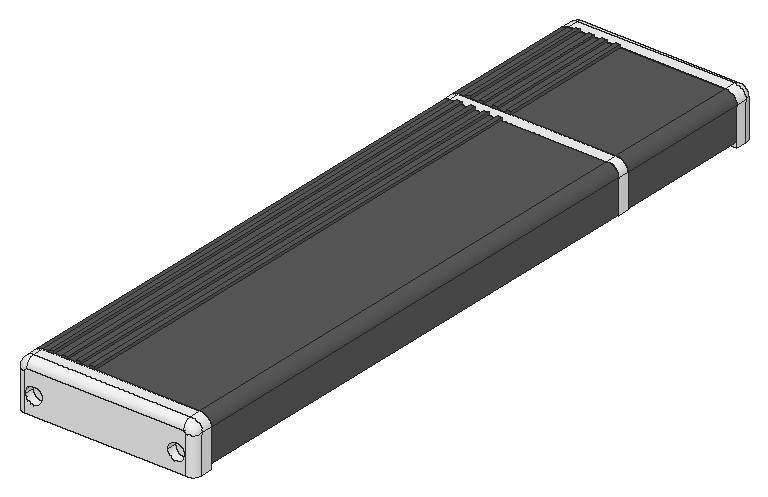
Revit family "JC KONTAKTER JCK237 DE", category Specialty Equipment, host Face, Revit 2025
Family settings
  Host = Face
  Round Connector Dimension = Use Diameter
  Part Type = Normal
  Enable Cutting in Views = Yes
  Cut with Voids When Loaded = No
  Maintain Annotation Orientation = Yes
  Shared = No
  Room Calculation Point = No
Parameters (values of type "JCK237")
  URL = "https://grossflaechentaster.de/produkt/grossflachentaster-metall/grossflachentaster-jck237/"
  Technisches Produktblatt = "https://grossflaechentaster.de/wp-content/uploads/sites/3/Technisches-Produktdatenblatt-_JCK237_DE.pdf"
  Produktgewicht = "0.397 kg."
  Nomineller nennstrom = "12 V - Resistive 6A Inductive L/R 5ms 6A, 24 V - Resistive 6A Inductive L/R 5ms 5A"
  Model = "JCK237"
  Mikroschalter = "Standard NO IP67"
  Manufacturer = "JC kontakter"
  Kunststoffstück = POM Tenac C 4520 (weiss)
  Kern = Aluminum ENAW 6060
  Herstellungsland = "Schweden"
  Geringster nennstrom = "1mA/4 V DC"
  Endkappen = POM Tenac C 4520 (weiss)
  Description = "JCK237 gehört zu einer Serie von Großflächentastern mit doppelten Tastflächen, die es ermöglichen, z.B. eine zusätzliche Tür oder ein Schloss zu schalten. Der JCK237 ist aus schwarzeloxiertem Aluminium mit weißen Endkappen gefertigt. Beide Tastflächen sind mit vier taktilen Rillen versehen und dienen als zusätzliche Orientierungshilfe für sehbehinderte Personen. So lässt sich leicht erfühlen, wo man drücken muss, um die Türöffnung zu aktivieren."
  Default Elevation = 800 mm
  Deckel 2 = Aluminum ENAW 6060 (schwarz)
  Deckel = Aluminum ENAW 6060 (schwarz)
  CE-kennzeichnung = "https://jckontakter.se/wp-content/uploads/CE_Dokument.pdf"
  Anzahl der mikroschalter = 2
Reference planes
  plane 1 "Center (Front/Back)": y = 0
  plane 2: z = 0
  plane 3 "Center (Left/Right)": x = 0
  plane 4 "A": y = -155.5
Lines and regions (mm)
  symbolic lines
    curve 1: line (-50, 0, 50) -> (50, 0, 50)
    curve 2: line (-50, 0, 0) -> (-50, 0, 50)
    curve 3: line (50, 0, 0) -> (-50, 0, 0)
    curve 4: line (50, 0, 50) -> (50, 0, 0)
    curve 5: line (-40, 155.5, 0) -> (40, 155.5, 0)
    curve 6: line (-40, -155.5, 0) -> (-40, 155.5, 0)
    curve 7: line (40, -155.5, 0) -> (-40, -155.5, 0)
    curve 8: line (40, 155.5, 0) -> (40, -155.5, 0)
Text (mm)
  text "Entfernen Sie diesen Text vor der Verwendung.\n\nPlatzierungsanweisungen:\n\n1. In das Projekt laden.\n2. Bewegen Sie den Mauszeiger über die Fläche, auf der die Familie platziert werden soll.\n3. Wenn die Familie gedreht angezeigt wird, aktivieren Sie die Option „Nach Platzierung drehen.\n4. Klicken Sie auf die gewünschte Fläche.\n5. Geben Sie den gewünschten Winkel ein.\n6. Drücken Sie die Eingabetaste." at (123.173, 1072.34, 0), in view "Ref. Level"
Dimensions and locks
  aligned and locked: plane 2 to host face
  aligned and locked: level to host face
Nested families
  nested 1: "AK_237" at (0, -155.5, 0) x (1, 0, 0) z (0, 1, 0), type "AK_237"
Definition of nested family "AK_237"
  Parameters (values of type "AK_237")
    Middle separator = none
    Lid (secondary) = none
    Default Elevation = 1219.2 mm
    Core Finish = none
    URL = "https://jckontakter.se/produkt/armbagskontakter-metall/armbagskontakt-i-aluminium-jck237/"
    Model = "JCK237"  # constant formula
    Manufacturer = "JC Kontakter"  # constant formula
    Lid Finish = none
    End Cap Finish = none
    Description = "JCK237 tillhör en serie armbågskontakter med dubbla tryckytor som gör det möjligt att koppla t.ex. en extra dörr eller ett lås. JCK237 är tillverkad i svarteloxerad aluminium med vita endcaps. Båda tryckytorna är utformade med fyra taktila rillor och fungerar som extra vägledning för personer med synnedsättning. Man kan enkelt känna sig till vart man ska trycka för att aktivera dörröppning."  # constant formula
  Reference planes
    plane 1 "Center (Front/Back)": y = 0
    plane 2: z = 0
    plane 3 "Center (Left/Right)": x = 0
    plane 4 "1": x = 40
    plane 5 "A": z = 9
    plane 6 "B": z = 302
    plane 7 "C": z = 236
  Forms (mm)
    Extrusion 1, solid, material <- "Core Finish"
      sketch origin (40, 0, 9) x (1, 0, 0) y (0, 1, 0)
        loop
          line (-80, 0) -> (-80, -1.2) -> (-75, -1.2) -> (-75, -8.75) -> (-73.2, -8.75) -> (-73.2, -1.2) -> (-11.2, -1.2) -> (-11.2, -8.75) -> (-2.249, -8.75)
          arc (-2.249, -8.75) -> (-3.331, -3.54) -> (-8.11, -1.2) r 6.05
          line (-8.11, -1.2) -> (-5.54, -1.2) -> (-5.54, 0) -> (-80, 0)
      from 0 to 293
    Extrusion 2, solid, material <- "Lid Finish"
      sketch origin (-40, 0, 9) x (-1, 0, 0) y (0, -1, 0)
        loop
          line (-3.92, 11.41) -> (-0.92, 6.4) -> (0, 6.4) -> (0, 16.83)
          arc (0, 16.83) -> (-1.464, 20.366) -> (-5, 21.83) r 5
          line (-5, 21.83) -> (-8, 21.83) -> (-8, 22.83) -> (-10, 22.83) -> (-10, 21.83) -> (-14, 21.83) -> (-14, 22.83) -> (-16, 22.83) -> (-16, 21.83) -> (-20, 21.83) -> (-20, 22.83) -> (-22, 22.83) -> (-22, 21.83) -> (-26, 21.83) -> (-26, 22.83) -> (-28, 22.83) -> (-28, 21.83) -> (-75, 21.83)
          arc (-75, 21.83) -> (-78.536, 20.366) -> (-80, 16.83) r 5
          line (-80, 16.83) -> (-80, 2.38) -> (-78.4, 2.38) -> (-78.4, 11.41) -> (-3.92, 11.41)
      from 0 to 227
    Extrusion 3, solid, material <- "End Cap Finish"
      sketch origin (-40, 0, 0) x (1, 0, 0) y (0, 1, 0)
        loop
          arc (0, -16.83) -> (1.464, -20.366) -> (5, -21.83) r 5
          line (5, -21.83) -> (75, -21.83)
          arc (75, -21.83) -> (78.536, -20.366) -> (80, -16.83) r 5
          line (80, -16.83) -> (80, 0) -> (0, 0) -> (0, -16.83)
      from 0 to 9
    Sweep 4, void
      path origin (0, 0, 0) x (1, 0, 0) y (0, 1, 0)
        loop
          line (42, 0) -> (42, -16.83)
          arc (42, -16.83) -> (39.95, -21.78) -> (35, -23.83) r 7
          line (35, -23.83) -> (-35, -23.83)
          arc (-35, -23.83) -> (-39.95, -21.78) -> (-42, -16.83) r 7
          line (-42, -16.83) -> (-42, 0)
      profile origin (0, -23.83, 0) x (0, -1, 0) y (0, 0, 1)
        loop
          line (-1, 4) -> (-2, 4)
          arc (-2, 4) -> (-3.172, 1.172) -> (-6, 0) r 4
          line (-6, 0) -> (-6, -1) -> (-1, -1) -> (-1, 4)
    Extrusion 5, solid, material <- "End Cap Finish"
      sketch origin (0, 0, 302) x (-1, 0, 0) y (0, -1, 0)
        loop
          arc (40, 16.83) -> (38.536, 20.366) -> (35, 21.83) r 5
          line (35, 21.83) -> (-35, 21.83)
          arc (-35, 21.83) -> (-38.536, 20.366) -> (-40, 16.83) r 5
          line (-40, 16.83) -> (-40, 0) -> (40, 0) -> (40, 16.83)
      from 0 to 9
    Sweep 6, void
      path origin (0, 0, 302) x (-1, 0, 0) y (0, -1, 0)
        loop
          line (-42, 0) -> (-42, 16.83)
          arc (-42, 16.83) -> (-39.95, 21.78) -> (-35, 23.83) r 7
          line (-35, 23.83) -> (35, 23.83)
          arc (35, 23.83) -> (39.95, 21.78) -> (42, 16.83) r 7
          line (42, 16.83) -> (42, 0)
      profile origin (0, -23.83, 302) x (0, -1, 0) y (0, 0, 1)
        loop
          line (-1, 5) -> (-1, 10) -> (-6, 10) -> (-6, 9)
          arc (-6, 9) -> (-3.172, 7.828) -> (-2, 5) r 4
          line (-2, 5) -> (-1, 5)
    Extrusion 7, void
      sketch origin (0, 0, 0) x (1, 0, 0) y (0, 1, 0)
        loop
          circle (-31.75, -8.25) r 3.75
        loop
          circle (31.75, -8.25) r 3.75
      from 0 to 4
    Extrusion 8, solid, material <- "Lid (secondary)"
      sketch origin (0, 0, 236) x (-1, 0, 0) y (0, -1, 0)
        loop
          line (36.08, 11.41) -> (39.08, 6.4) -> (40, 6.4) -> (40, 16.83)
          arc (40, 16.83) -> (38.536, 20.366) -> (35, 21.83) r 5
          line (35, 21.83) -> (32, 21.83) -> (32, 22.83) -> (30, 22.83) -> (30, 21.83) -> (26, 21.83) -> (26, 22.83) -> (24, 22.83) -> (24, 21.83) -> (20, 21.83) -> (20, 22.83) -> (18, 22.83) -> (18, 21.83) -> (14, 21.83) -> (14, 22.83) -> (12, 22.83) -> (12, 21.83) -> (-35, 21.83)
          arc (-35, 21.83) -> (-38.536, 20.366) -> (-40, 16.83) r 5
          line (-40, 16.83) -> (-40, 2.38) -> (-38.4, 2.38) -> (-38.4, 11.41) -> (36.08, 11.41)
      from 5 to 66
    Extrusion 9, solid, material <- "Middle separator"
      sketch origin (0, 0, 236) x (-1, 0, 0) y (0, -1, 0)
        loop
          line (-19.5, 16.33) -> (35, 16.33) -> (35, 5) -> (40, 5) -> (40, 16.83)
          arc (40, 16.83) -> (38.536, 20.366) -> (35, 21.83) r 5
          line (35, 21.83) -> (-35, 21.83)
          arc (-35, 21.83) -> (-38.536, 20.366) -> (-40, 16.83) r 5
          line (-40, 16.83) -> (-40, 2) -> (-34.897, 2)
          arc (-34.897, 2) -> (-37.462, 4.894) -> (-37.751, 8.75) r 6.05
          line (-37.751, 8.75) -> (-19.5, 8.75) -> (-19.5, 16.33)
      from 0 to 5
  Cuts and joins
    Sweep 4, Sweep 6, Extrusion 7 cuts Extrusion 3
    Sweep 6 cuts Extrusion 5
  Dimensions and locks
    aligned and locked: level to plane 2
